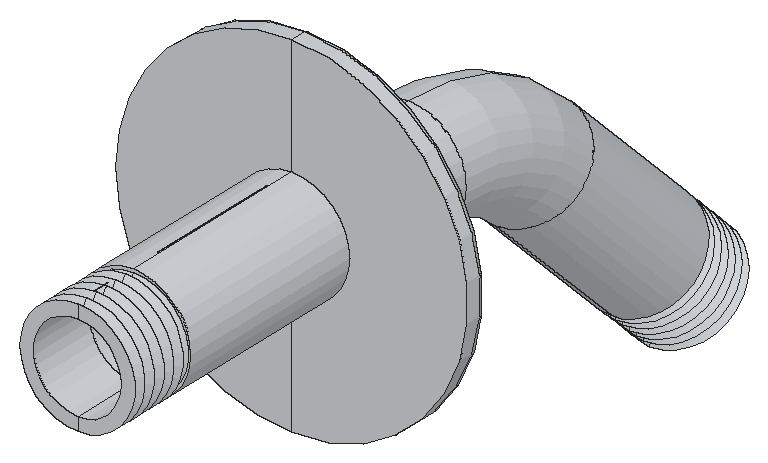
Revit family "S-2520", category Plumbing Fixtures, host Wall, Revit 2023
Family settings
  Host = Wall
  Round Connector Dimension = Use Diameter
  Part Type = Normal
  Enable Cutting in Views = Yes
  Always vertical = Yes
  Cut with Voids When Loaded = No
  Maintain Annotation Orientation = No
  Shared = No
  Room Calculation Point = No
Parameters
  Material = Steel
  Default Elevation = 0' - 0"
Reference planes (in)
  plane 1: y = 0
  plane 2 "Center (Left/Right)": x = 0
  plane 3 "Wall Edge": y = 3
Lines and regions (in)
  Filled region 1, type "Filled region 1", not visible
    outline origin (0, 0, 0) x (0, 1, 0) y (0, 0, 1)
      loop
        line (3, 2) -> (1.89385, 2) -> (1.89385, 0.5) -> (3, 0.5) -> (3, 2)
      loop
        line (3, -2) -> (3, -0.5) -> (1.89385, -0.5) -> (1.89385, -2) -> (3, -2)
  symbolic lines, not visible
    curve 1: arc (0, 5.09493, -0.43934) -> (0, 4.6083, -0.11418) -> (0, 4.03427, 0) r 1.5
    curve 2: line (0, 6.46809, -1.8125) -> (0, 7.04852, -2.39293)
    curve 3: line (0, 6.46809, -1.8125) -> (0, 6.58883, -1.84485)
    curve 4: line (0, 6.46809, -1.8125) -> (0, 6.50045, -1.93324)
    curve 5: line (0, 1.09309, 0.11957) -> (0, 0.09309, 0.11957)
    curve 6: line (0, 1.09309, 0.11957) -> (0, 0.98484, 0.18207)
    curve 7: line (0, 1.09309, 0.11957) -> (0, 0.98484, 0.05707)
    curve 8: line (0, 3, 1.70316) -> (0, 4, 1.70316)
    curve 9: line (0, 3, 1.70316) -> (0, 3.10825, 1.76566)
    curve 10: line (0, 3, 1.70316) -> (0, 3.10825, 1.64066)
Text (in)
  text "Placement Side" at (-70.3804, 28.46503, 0), in view "Ref. Level"
  text "⌀" at (0.57118, 0, 1.93693), in view "Front"
  text "REF" at (0, 4.10462, -1.73165), in view "Right"
  text "FINISHED WALL LINE" at (0, 6.65891, 1.86463), in view "Right"
  text "1/2\" NPT\nTHREAD" at (0, 7.57245, -2.5714), in view "Right"
  text "1/2\" NPT\nTHREAD" at (0, -0.46723, -0.04722), in view "Right"
  text "⌀" at (0.57118, -0.00475, 1.92057), in view "Front"
  text "REF" at (0, 5.36549, -1.71676), in view "Left"
  text "FINISHED WALL LINE" at (0, 6.63853, 1.86389), in view "Left"
  text "1/2\" NPT\nTHREAD" at (0, 7.58332, -2.54089), in view "Left"
  text "1/2\" NPT\nTHREAD" at (0, -0.47199, -0.06358), in view "Left"
Dimensions and locks (in)
  locked: plane 3 "Wall Edge" to host wall
  nested 1 to nested 1 = 0' - 2 1/2"
  nested 1 to nested 1 = 0' - 5 3/8"  (x2)
  nested 1 to nested 1 = 0' - 1 13/16"  (x2)
  nested 1 to nested 1 = 0' - 0 1/2"  (x4)
  Filled region 1 to Filled region 1 = 0' - 1"  (x2)
  radius of curve 1 = 0' - 1 1/2"
  angle nested 1 to nested 1 = 45.00°  (x2)
Nested families (in)
  nested 1: "S-2520 F" at (0, 3, 0) x (-1, 0, 0) z (0, 1, 0), type "S-2520 F"
Definition of nested family "S-2520 F"
  Parameters (values of type "S-2520 F")
    Material = none
    Default Elevation = 4' - 0"
  Reference planes (in)
    plane 1 "Center (Front/Back)": y = 0
    plane 2: z = 0
    plane 3 "Center (Left/Right)": x = 0
    plane 4: z = 3.46809
    plane 5: y = -1.8125
    plane 6: through (0, -0.43934, 2.09493) normal (0, 0.7071, -0.7071)
    plane 7: z = 1.03427
    plane 8: x = 1.25
    plane 9: x = -1.25
  Forms (in)
    Extrusion 1, solid
      sketch origin (0, 0, 0) x (1, 0, 0) y (0, 1, 0)
        loop
          line (-48, 48) -> (-48, -48) -> (48, -48) -> (48, 48) -> (-48, 48)
      from 0 to -12
    Sweep 2, solid, material <- "Material"
      path origin (0, 0, 0) x (0, 1, 0) y (0, 0, 1)
        loop
          line (0, -1.40691) -> (0, 1.03427)
          arc (0, 1.03427) -> (-0.11418, 1.6083) -> (-0.43934, 2.09493) r 1.5
          line (-0.43934, 2.09493) -> (-1.45895, 3.11454)
      profile origin (0, 0, -0.18632) x (0, -1, 0) y (1, 0, 0)
        loop
          circle (0, 0) r 0.40625
    Revolve 3, solid, material <- "Material"
      sketch origin (0, 0, 0) x (0, 1, 0) y (0, 0, 1)
        loop
          line (0, 0) -> (1.25, 0) -> (1.25, 0.11255)
          arc (1.25, 0.11255) -> (1.24332, 0.1316) -> (1.22621, 0.14231) r 0.03051
          arc (1.22621, 0.14231) -> (0.84297, 0.26828) -> (0.49069, 0.46484) r 2.11151
          line (0.49069, 0.46484) -> (0, 0.46484) -> (0, 0)
        axis (0, 0) -> (0, 0.46484)
      angle from 0 to 360
    Revolve 4, solid, material <- "Material"
      sketch origin (0, -1.29041, 1.70731) x (0, 0.707107, 0.707107) y (0, -0.707107, 0.707107)
        loop
          line (-1.64318, -3.46809) -> (-1.35592, -3.75536) -> (-1.36585, -3.68468) -> (-1.29518, -3.69461) -> (-1.30511, -3.62394) -> (-1.23443, -3.63387) -> (-1.24437, -3.56319) -> (-1.17369, -3.57313) -> (-1.18362, -3.50245) -> (-1.11295, -3.51238) -> (-1.12288, -3.44171) -> (-1.0522, -3.45164) -> (-1.06214, -3.38096) -> (-1.01684, -3.38733) -> (-1.28963, -3.11454) -> (-1.64318, -3.46809)
        axis (-1.28963, -3.11454) -> (-1.64318, -3.46809)
      angle from 0 to 360
    Revolve 5, solid, material <- "Material"
      sketch origin (0, -0.16932, 0) x (0, 1, 0) y (0, 0, 1)
        loop
          line (-1.64318, 3.46809) -> (-1.28963, 3.11454) -> (-1.01684, 3.38733) -> (-1.06214, 3.38096) -> (-1.0522, 3.45164) -> (-1.12288, 3.44171) -> (-1.11295, 3.51238) -> (-1.18362, 3.50245) -> (-1.17369, 3.57313) -> (-1.24437, 3.56319) -> (-1.23443, 3.63387) -> (-1.30511, 3.62394) -> (-1.29518, 3.69461) -> (-1.36585, 3.68468) -> (-1.35592, 3.75536) -> (-1.64318, 3.46809)
        axis (-1.28963, 3.11454) -> (-1.64318, 3.46809)
      angle from 0 to 360
    Sweep 6, void
      path origin (0, 0, 0) x (0, 1, 0) y (0, 0, 1)
        loop
          line (0, -2.08325) -> (0, 1.03427)
          arc (0, 1.03427) -> (-0.11418, 1.6083) -> (-0.43934, 2.09493) r 1.5
          line (-0.43934, 2.09493) -> (-2.24244, 3.89803)
      profile origin (0, 0, -0.52449) x (0, -1, 0) y (1, 0, 0)
        loop
          circle (0, 0) r 0.3125
  Cuts and joins
    Sweep 6 cuts Sweep 2
    joined: Sweep 2, Revolve 3
    Sweep 6 cuts Revolve 5
    Sweep 6 cuts Revolve 4
  Dimensions and locks (in)
    aligned and locked: plane 2 to Extrusion 1
    aligned and locked: level to Extrusion 1
